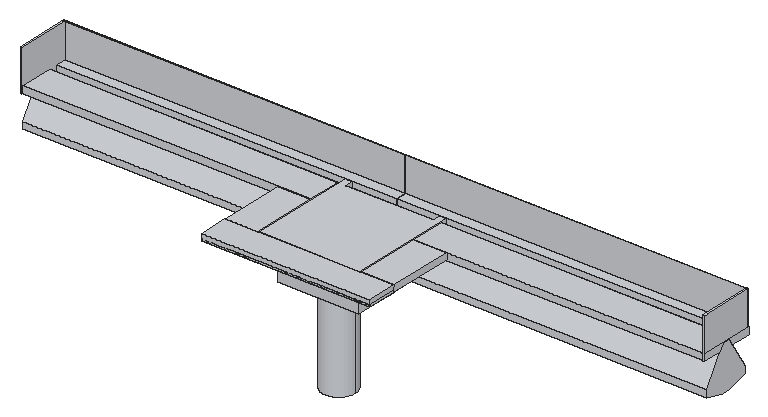
Revit family "Schlitzrinne Verdeckt an Wand", category Sanitärinstallationen, Revit 2020
Family settings
  Bemaßung runder Anschluss = Durchmesser verwenden
  Teiletyp = Normal
  Arbeitsebenenbasiert = Nein
  Immer vertikal = Ja
  Beim Laden mit Abzugskörper schneiden = Nein
  Gemeinsam genutzt = Nein
  Raumberechnungspunkt = Nein
Parameters
  Übergangsbride [instance] = no
  Zarge rechts [instance] = yes
  Zarge links [instance] = yes
  Vorgabe-Ansicht = 0 mm
  Verbindungsbügel [instance] = L Links + L Rechts  # 1000 mm
  URL = "https://www.resitec.ch/"
  Rost innen ref [instance] = Rinnen Breite innen - 2 mm  # 10 mm
  Rinnen Tiefe [instance] = 67 mm  # constant formula
  Rinnen Breite rechts [instance] = 500 mm
  Rinnen Breite links [instance] = 500 mm
  Rinnen Breite innen [instance] = 12 mm
  RS_s002 = 1.8 mm  # constant formula
  RS_s001 = 3 mm  # constant formula
  RS_rechtsKR [instance] = L Rechts + RS_KR  # 547.5 mm
  RS_min80 [instance] = if(Rinnen Tiefe < 60 mm, 60 mm, Rinnen Tiefe)  # 67 mm
  RS_linksKR [instance] = L Links + RS_KR  # 547.5 mm
  RS_hts [instance] = 3 mm
  RS_gefun [instance] = 60 mm
  RS_gefob [instance] = 40 mm
  RS_dpschon [instance] = yes
  RS_dimmin95 [instance] = 100 mm
  RS_dimk001 = 115 mm  # constant formula
  RS_dim001 = 10 mm  # constant formula
  RS_dim002 [instance] = if(RS_hts = 1 mm, 20 mm + 2 mm, if(RS_hts = 2 mm, 25 mm + 2 mm, if(RS_hts = 3 mm, 30 mm + 2 mm, 32 mm)))  # 32 mm
  RS_dim003 [instance] = if(Rinnen Tiefe < RS_dim002, RS_dim002 + RS_s002, Rinnen Tiefe)  # 67 mm
  RS_dia002 = 110 mm
  RS_dia001 = 151 mm
  RS_breite Rand [instance] = 50 mm  # constant formula
  RS_ZargRon [instance] = Zarge rechts  # yes
  RS_ZargLon [instance] = Zarge links  # yes
  RS_RohrL [instance] = if(Länge Rohr < RS_gefun, ((RS_gefun + 10 mm) - RS_gefob), Länge Rohr)  # 200 mm
  RS_RinneRon [instance] = yes
  RS_RinneLon [instance] = yes
  RS_KRvorne [instance] = 50 mm + (Breite Innen ref / 2)  # 56 mm
  RS_KRr [instance] = yes
  RS_KRon [instance] = Kleberand  # yes
  RS_KRl [instance] = yes
  RS_KRhinten [instance] = 18 mm + (Breite Innen ref / 2)  # 24 mm
  RS_KR [instance] = 47.5 mm  # constant formula
  RS_HZarge [instance] = H Zarge  # 50 mm
  RS_DN2 = 0 mm
  RS_DN1d [instance] = D  # 48.5 mm
  RS_DN1 = 100 mm  # constant formula
  RS_URL = "https://resitec.ch/entwaesserungstechnik/entwaesserungsrinnen/"
  RS_Rost_Typ [instance] = ""
  RS_Manufacture = "Resitec"  # constant formula
  RS_Description [instance] = "verdeckt an Wand mit Auslaufkasten\r\n exzentrisch sowie mit Kleberand und Zarge"
  RS_Articelnumber [instance] = "Schlitzrinne"
  Länge Rohr [instance] = 200 mm
  L Rechts Innen ref [instance] = L Rechts - RS_breite Rand  # 450 mm
  L Rechts [instance] = Rinnen Breite rechts  # 500 mm
  L Links innen ref [instance] = L Links - RS_breite Rand  # 450 mm
  L Links [instance] = Rinnen Breite links  # 500 mm
  Kleberand [instance] = yes
  Hersteller = RS_Manufacture  # "Resitec"
  H Zarge [instance] = 50 mm  # constant formula
  D [instance] = 48.5 mm
  Breite Innen ref [instance] = 12 mm  # constant formula
  Breite Aussen ref [instance] = Rinnen Breite innen + (2 * RS_breite Rand)  # 112 mm
  Description = ""
  Baugruppenkennzeichen = "D2030300"
  Anschlusswert DU L/s = 0
Reference planes
  plane 1 "Mitte (Vorne/hinten)": y = 0
  plane 2: z = 0
  plane 3 "Mitte (Links/rechts)": x = 0
  plane 4: x = -500
  plane 5: x = 500
  plane 6: y = 6
  plane 7: y = -6
  plane 8: y = 56
  plane 9: y = -56
  plane 10: x = -450
  plane 11: x = 450
  plane 12 "ebeneKBlech": z = -10
  plane 13 "lvdim002": z = -32
  plane 14: y = 57.5
  plane 15: y = -57.5
  plane 16: y = 24
  plane 17: x = 547.5
  plane 18: y = -56
  plane 19: x = -547.5
  plane 20: z = -200
  plane 21: x = -449
  plane 22: y = -5
  plane 23: x = 449
  plane 24: y = 5
  plane 25: z = -67
  plane 26 "0001": x = -75.5
  plane 27: y = -75.5
  plane 28: y = 75.5
  plane 29: x = 75.5
  plane 30: x = -73.7
  plane 31: y = -73.7
  plane 32: y = 73.7
  plane 33: x = 73.7
  plane 34: y = 72.7
  plane 35: x = 72.7
  plane 36: y = -72.7
  plane 37: x = -72.7
  plane 38: y = 123
  plane 39: x = 123
  plane 40: y = -123
  plane 41: x = -123
  plane 42: y = 5
  plane 43: y = -5
  plane 44 "min80": z = -67
  plane 45: y = -152
  plane 46: y = -196
  plane 47: x = -60
  plane 48: x = 60
  plane 49: y = -153
  plane 50: z = 50
Forms (mm)
  Extrusion 1, solid
    sketch origin (0, -68.7, 0) x (1, 0, 0) y (0, 1, 0)
      loop
        line (63.7, 73.7) -> (63.7, 62.7) -> (-63.7, 62.7) -> (-63.7, 73.7) -> (-73.7, 73.7) -> (-73.7, -83.3) -> (73.7, -83.3) -> (73.7, 73.7) -> (63.7, 73.7)
    from 0 to -10
  Extrusion 2, solid
    sketch origin (-75.5, 212.625, 1200) x (0, 1, 0) y (0, 0, 1)
      loop
        line (-218.625, -1210) -> (-349.625, -1210) -> (-349.625, -1267) -> (-218.625, -1267) -> (-218.625, -1210)
    from 16.462 to 134.538
  Extrusion 3, solid, visible <- "RS_RinneRon"
    sketch origin (0, 0, -10) x (-1, 0, 0) y (0, -1, 0)
      loop
        line (0, -24) -> (0, -6) -> (-498.2, -6) -> (-498.2, 6) -> (-75.5, 6) -> (-75.5, 56) -> (-500, 56) -> (-500, -24) -> (0, -24)
    from 0 to 10
  Extrusion 4, solid, visible <- "RS_RinneLon"
    sketch origin (0, 0, -10) x (1, 0, 0) y (0, 1, 0)
      loop
        line (0, 24) -> (-500, 24) -> (-500, -56) -> (-75.5, -56) -> (-75.5, -6) -> (-498.2, -6) -> (-498.2, 6) -> (0, 6) -> (0, 24)
    from 0 to 10
  Extrusion 5, solid, visible <- "RS_RinneRon"
    sketch origin (75.5, 253.325, 1208) x (0, 1, 0) y (0, 0, -1)
      loop
        line (-264.325, 1210) -> (-235.325, 1257.053) -> (-235.325, 1267.053) -> (-264.325, 1275) -> (-276.325, 1275) -> (-305.325, 1267.053) -> (-305.325, 1257.053) -> (-276.325, 1210) -> (-264.325, 1210)
    from 75.5 to -424.5
  Extrusion 6, solid, visible <- "RS_RinneLon"
    sketch origin (-75.5, 253.325, 1208) x (0, 1, 0) y (0, 0, 1)
      loop
        line (-264.325, -1210) -> (-276.325, -1210) -> (-305.325, -1257.053) -> (-305.325, -1267.053) -> (-276.325, -1275) -> (-264.325, -1275) -> (-235.325, -1267.053) -> (-235.325, -1257.053) -> (-264.325, -1210)
    from 75.5 to -424.5
  Extrusion 7, solid
    sketch origin (0, 0, 0) x (1, 0, 0) y (0, 1, 0)
      loop
        line (75.5, -56) -> (75.5, -152) -> (123, -152) -> (123, -56) -> (75.5, -56)
      loop
        line (-123, -56) -> (-123, -152) -> (-75.5, -152) -> (-75.5, -56) -> (-123, -56)
      loop
        line (-123, -153) -> (-123, -196) -> (123, -196) -> (123, -153) -> (-123, -153)
    from -10 to 0
  Extrusion 8, solid
    sketch origin (0, 0, 0) x (1, 0, 0) y (0, 1, 0)
      loop
        line (-123, -11) -> (-123, -196) -> (123, -196) -> (123, -11) -> (-123, -11)
    from -10 to -7.115
  Extrusion 9, solid
    sketch origin (0, 0, -10) x (-1, 0, 0) y (0, -1, 0)
      loop
        line (0, -6) -> (500, -6) -> (500, 6) -> (0, 6) -> (0, -6)
    from 0 to 2
  Extrusion 10, solid
    sketch origin (0, 0, -10) x (-1, 0, 0) y (0, -1, 0)
      loop
        line (0, -6) -> (0, 6) -> (-500, 6) -> (-500, -6) -> (0, -6)
    from 0 to 2
  Extrusion 11, solid
    sketch origin (0, 0, -10) x (-1, 0, 0) y (0, -1, 0)
      loop
        line (500, -24) -> (500, -22.2) -> (0, -22.2) -> (0, -24) -> (500, -24)
    from 10 to 60
  Extrusion 12, solid
    sketch origin (0, 0, -10) x (-1, 0, 0) y (0, -1, 0)
      loop
        line (-500, -24) -> (0, -24) -> (0, -22.2) -> (-500, -22.2) -> (-500, -24)
    from 10 to 60
  Extrusion 13, solid
    sketch origin (0, 0, -32) x (-1, 0, 0) y (0, -1, 0)
      loop
        circle (0, 99) r 24.25
    from -168 to 0
  Extrusion 14, solid, visible <- "RS_ZargLon"
    sketch origin (0, 0, -10) x (-1, 0, 0) y (0, -1, 0)
      loop
        line (500, -24) -> (500, 56) -> (498.2, 56) -> (498.2, -24) -> (500, -24)
    from 0 to 60
  Extrusion 15, solid, visible <- "RS_ZargRon"
    sketch origin (0, 0, -10) x (-1, 0, 0) y (0, -1, 0)
      loop
        line (-500, -24) -> (-498.2, -24) -> (-498.2, 56) -> (-500, 56) -> (-500, -24)
    from 0 to 60
Dimensions and locks
  equal spacing: plane 7, plane 1 "Mitte (Vorne/hinten)", plane 6
  "L Links": plane 4 to plane 3 "Mitte (Links/rechts)"
  "L Rechts": plane 3 "Mitte (Links/rechts)" to plane 5
  "Breite Innen ref": plane 6 to plane 7
  equal spacing: plane 9, plane 1 "Mitte (Vorne/hinten)", plane 8
  "Breite Aussen ref": plane 8 to plane 9
  "L Links innen ref": plane 10 to plane 3 "Mitte (Links/rechts)"
  "L Rechts Innen ref": plane 3 "Mitte (Links/rechts)" to plane 11
  "RS_dim001": level to plane 12 "ebeneKBlech"
  "RS_dim002": level to plane 13 "lvdim002"
  equal spacing: plane 15, plane 1 "Mitte (Vorne/hinten)", plane 14
  "RS_dimk001": plane 14 to plane 15
  "RS_linksKR": plane 19 to plane 3 "Mitte (Links/rechts)"
  "RS_rechtsKR": plane 3 "Mitte (Links/rechts)" to plane 17
  "RS_KRhinten": plane 1 "Mitte (Vorne/hinten)" to plane 16
  "RS_KRvorne": plane 18 to plane 1 "Mitte (Vorne/hinten)"
  locked: plane 24 to plane 6 at 1
  locked: plane 10 to plane 21 at 1
  locked: plane 23 to plane 11 at 1
  locked: plane 22 to plane 7 at 1
  "RS_dim003": level to plane 25
  "Länge Rohr": level to plane 20
  equal spacing: plane 27, plane 1 "Mitte (Vorne/hinten)", plane 28
  equal spacing: plane 26 "0001", plane 3 "Mitte (Links/rechts)", plane 29
  "RS_dia001": plane 26 "0001" to plane 29
  "RS_dia001": plane 28 to plane 27
  "RS_s002": plane 28 to plane 32
  "RS_s002": plane 33 to plane 29
  "RS_s002": plane 31 to plane 27
  "RS_s002": plane 26 "0001" to plane 30
  locked: plane 30 to plane 37 at 1
  locked: plane 35 to plane 33 at 1
  locked: plane 32 to plane 34 at 1
  locked: plane 36 to plane 31 at 1
  "RS_KR": plane 41 to plane 26 "0001"
  "RS_KR": plane 29 to plane 39
  "RS_KR": plane 38 to plane 28
  "RS_KR": plane 27 to plane 40
  equal spacing: plane 42, plane 1 "Mitte (Vorne/hinten)", plane 43
  "Rost innen ref": plane 42 to plane 43
  "RS_min80": level to plane 44 "min80"
  Extrusion 2 sketch curve to Extrusion 2 sketch curve = 131 mm
  plane 1 "Mitte (Vorne/hinten)" to Extrusion 2 sketch curve to Extrusion 2 sketch curve = 6 mm, 131 mm
  "RS_s002": Extrusion 3 sketch curve to plane 5
  plane 12 "ebeneKBlech" to Extrusion 5 sketch curve = 39.053 mm  (x2)
  plane 12 "ebeneKBlech" to Extrusion 5 sketch curve = 49.053 mm  (x2)
  Extrusion 5 sketch curve to plane 1 "Mitte (Vorne/hinten)" to Extrusion 5 sketch curve = 18 mm, 52 mm
  Extrusion 5 sketch curve to Extrusion 5 sketch curve = 70 mm
  plane 12 "ebeneKBlech" to Extrusion 5 sketch curve = 57 mm
  plane 12 "ebeneKBlech" to Extrusion 5 = 57 mm  (x2)
  plane 12 "ebeneKBlech" to Extrusion 6 sketch curve = 49.053 mm  (x2)
  plane 12 "ebeneKBlech" to Extrusion 6 sketch curve = 39.053 mm  (x2)
  Extrusion 5 to plane 1 "Mitte (Vorne/hinten)" to Extrusion 5 = 52 mm, 18 mm
  Extrusion 5 to Extrusion 5 = 70 mm
  Extrusion 5 to plane 12 "ebeneKBlech" = 57 mm
  plane 12 "ebeneKBlech" to Extrusion 6 sketch curve = 57 mm
  Extrusion 6 sketch curve to plane 1 "Mitte (Vorne/hinten)" to Extrusion 6 sketch curve = 18 mm, 52 mm
  Extrusion 6 sketch curve to Extrusion 6 sketch curve = 70 mm
  plane 42 to Extrusion 1 sketch curve = 157 mm
  locked: plane 42 to plane 45 at 157
  Extrusion 2 to plane 45 = 15 mm
  locked: plane 47 to plane 48 at 120
  equal spacing: plane 47, plane 3 "Mitte (Links/rechts)", plane 48
  plane 16 to plane 46 = 220 mm
  plane 45 to plane 49 = 1 mm
  locked: Extrusion 8 to plane 12 "ebeneKBlech" at 2.885
  "RS_s002": plane 16 to Extrusion 11 sketch curve
  "RS_HZarge": plane 50 to level
  "RS_s002": plane 16 to Extrusion 12 sketch curve
  plane 16 to Extrusion 13 sketch curve = 123 mm
  "RS_s002": plane 4 to Extrusion 14 sketch curve
  "RS_s002": plane 4 to Extrusion 14
  "RS_s002": Extrusion 15 sketch curve to plane 5
  "RS_s002": Extrusion 15 to plane 5
  diameter of Extrusion 13 sketch curve = 48.5 mm
  angle Extrusion 5 sketch curve to Extrusion 5 sketch curve = 63.2927°
  angle Extrusion 5 sketch curve to Extrusion 5 sketch curve = 149.352°
  angle Extrusion 5 to Extrusion 5 = 149.352°
  angle Extrusion 5 to Extrusion 5 = 63.2927°
  locked: Extrusion 5 to Extrusion 5 (angle 63.2927°)
  locked: Extrusion 5 to Extrusion 5 (angle 149.352°)
  angle Extrusion 6 sketch curve to Extrusion 6 sketch curve = 63.2927°
  angle Extrusion 6 sketch curve to Extrusion 6 sketch curve = 149.352°
  aligned and locked: level to plane 2
  aligned and locked: Extrusion 1 to plane 12 "ebeneKBlech"
  aligned and locked: level to Extrusion 1
  aligned and locked: plane 44 "min80" to Extrusion 2 sketch curve
  aligned and locked: plane 6 to Extrusion 3 sketch curve
  aligned and locked: Extrusion 3 sketch curve to plane 7
  aligned and locked: Extrusion 3 sketch curve to plane 5
  aligned and locked: level to Extrusion 3
  aligned and locked: Extrusion 3 to plane 12 "ebeneKBlech"
  aligned and locked: level to Extrusion 4
  aligned and locked: Extrusion 4 to plane 12 "ebeneKBlech"
  aligned and locked: plane 26 "0001" to Extrusion 4
  aligned and locked: Extrusion 4 to plane 4
  aligned and locked: plane 5 to Extrusion 5
  aligned and locked: Extrusion 6 to plane 4
  aligned and locked: plane 30 to Extrusion 1 sketch curve
  aligned and locked: Extrusion 1 sketch curve to plane 33
  aligned and locked: plane 16 to Extrusion 4 sketch curve
  aligned and locked: plane 18 to Extrusion 4 sketch curve
  aligned and locked: Extrusion 3 sketch curve to plane 16
  aligned and locked: Extrusion 3 sketch curve to plane 18
  aligned and locked: plane 3 "Mitte (Links/rechts)" to Extrusion 6
  aligned and locked: Extrusion 5 to plane 3 "Mitte (Links/rechts)"
  aligned and locked: plane 3 "Mitte (Links/rechts)" to Extrusion 3 sketch curve
  aligned and locked: plane 3 "Mitte (Links/rechts)" to Extrusion 4
  aligned and locked: Extrusion 1 sketch curve to plane 42  (x2)
  aligned and locked: Extrusion 1 sketch curve to plane 7
  aligned and locked: Extrusion 1 to plane 45
  aligned and locked: plane 45 to Extrusion 7 sketch curve  (x2)
  aligned and locked: Extrusion 7 sketch curve to plane 49
  aligned and locked: Extrusion 7 sketch curve to plane 41
  aligned and locked: plane 46 to Extrusion 7 sketch curve
  aligned and locked: Extrusion 7 sketch curve to plane 39
  aligned and locked: Extrusion 7 to plane 12 "ebeneKBlech"
  aligned and locked: Extrusion 6 to Extrusion 8 sketch curve
  aligned and locked: Extrusion 8 sketch curve to plane 41
  aligned and locked: Extrusion 8 sketch curve to Extrusion 7  (x2)
  aligned and locked: Extrusion 9 sketch curve to plane 4
  aligned and locked: Extrusion 9 sketch curve to plane 7
  aligned and locked: plane 3 "Mitte (Links/rechts)" to Extrusion 9 sketch curve
  aligned and locked: Extrusion 10 sketch curve to Extrusion 9
  aligned and locked: Extrusion 10 sketch curve to Extrusion 3
  aligned and locked: Extrusion 10 sketch curve to plane 5
  aligned and locked: plane 7 to Extrusion 10 sketch curve
  aligned and locked: Extrusion 11 sketch curve to Extrusion 4
  aligned and locked: Extrusion 11 sketch curve to plane 3 "Mitte (Links/rechts)"
  aligned and locked: Extrusion 11 to level
  aligned and locked: plane 50 to Extrusion 11
  aligned and locked: Extrusion 12 sketch curve to Extrusion 3
  aligned and locked: Extrusion 12 sketch curve to Extrusion 11
  aligned and locked: plane 50 to Extrusion 12
  aligned and locked: Extrusion 12 to level
  aligned and locked: Extrusion 13 to plane 20
  aligned and locked: plane 13 "lvdim002" to Extrusion 13
  aligned and locked: Extrusion 11 to plane 4
  aligned and locked: plane 5 to Extrusion 12
  aligned and locked: plane 16 to Extrusion 14
  aligned and locked: Extrusion 14 to plane 9
  aligned and locked: Extrusion 15 to plane 9
  aligned and locked: plane 16 to Extrusion 15
  aligned and locked: plane 5 to Extrusion 15
  aligned and locked: Extrusion 11 to Extrusion 14
  aligned and locked: plane 50 to Extrusion 15
Automatic sketch dimensions
  Extrusion 2 sketch curve to plane 12 "ebeneKBlech" = 0 mm
  Extrusion 5 sketch curve to plane 7 = 17 mm  (x2)
  Extrusion 5 sketch curve to plane 6 = 17 mm
  Extrusion 6 sketch curve to plane 7 = 17 mm  (x2)
  Extrusion 6 sketch curve to plane 6 = 17 mm
  Extrusion 4 sketch curve to plane 4 = 0 mm
  Extrusion 4 sketch curve to plane 6 = 0 mm
  Extrusion 4 sketch curve to plane 7 = 0 mm
  Extrusion 4 sketch curve to plane 26 "0001" = 0 mm
  Extrusion 4 sketch curve to plane 26 "0001" = 75.5 mm
  Extrusion 4 sketch curve to plane 4 = 1.8 mm
  Extrusion 3 sketch curve to plane 29 = 0 mm
  Extrusion 1 sketch curve to plane 37 = 9 mm
  Extrusion 1 sketch curve to plane 35 = 9 mm
  Extrusion 7 sketch curve to plane 9 = 0 mm  (x2)
  Extrusion 7 sketch curve to plane 41 = 0 mm
  Extrusion 7 sketch curve to plane 26 "0001" = 0 mm
  Extrusion 7 sketch curve to plane 29 = 0 mm
  Extrusion 7 sketch curve to plane 39 = 0 mm
  Extrusion 9 sketch curve to plane 6 = 0 mm
  Extrusion 13 sketch curve to plane 3 "Mitte (Links/rechts)" = 0 mm
  Extrusion 11 sketch curve to plane 4 = 0 mm
  Extrusion 12 sketch curve to plane 5 = 0 mm
  Extrusion 14 sketch curve to plane 16 = 0 mm
  Extrusion 14 sketch curve to plane 9 = 0 mm
  Extrusion 14 sketch curve to plane 4 = 0 mm
  Extrusion 15 sketch curve to plane 5 = 0 mm
  Extrusion 15 sketch curve to plane 9 = 0 mm
  Extrusion 15 sketch curve to plane 16 = 0 mm
